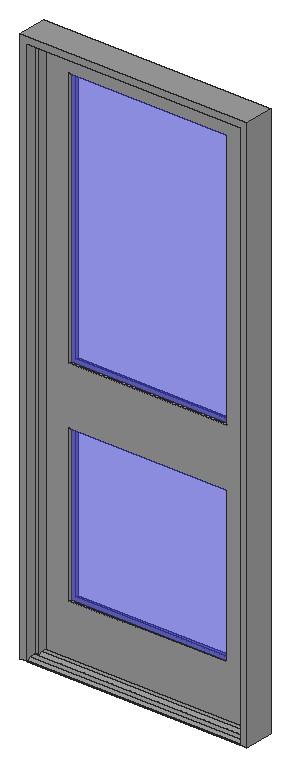
Revit family "MSD-375 DOOR-1-PD-CW_v05", category Curtain Panels, Revit 2015
Parameters
  Width [instance] = 3' - 2"
  URL = "obe.com"
  Rough Width [instance] = 3' - 3"
  Panel Width [instance] = [Min-Max Panel Width]  # 3' - 0 3/4"
  Panel Offset [instance] = 0' - 0"
  Offset [instance] = 0' - 3"
  Model = "MSD-375 DOOR"
  Min-Max Rough Width [instance] = if(and((Rough Width > 3' 2 1/4"), (Rough Width < 3' 8 1/256")), Rough Width, 3' 2 1/4")  # 3' - 3"
  Min-Max Panel Width [instance] = if(and((Rough Width > 3' 2 1/4"), (Rough Width < 3' 8 1/256")), Rough Width - 0' 2 1/4", 3' 0")  # 3' - 0 3/4"
  Manufacturer = "Oldcastle BuildingEnvelope®"
  Keynote = "08 11 00"
  Height [instance] = 8' - 0"
  Pushbar Height [instance] = 3' - 5 1/4"  # constant formula
  Glass Material = Glass
  Frame Material = Aluminum
  Door Panel Height [instance] = Height - 0' 0 3/4"  # 7' - 11 1/4"
  Description = "MSD-375 - 1\" Door Infill"
  Assembly Code = "B2030"
  Analytic Construction = "<None>"
  8 Muntin [instance] = not([6.5 Muntin])  # yes
  6.5 Muntin [instance] = no
Reference planes (in)
  plane 1 "Front": y = 0
  plane 2: z = 0
  plane 3 "Center (Left/Right)": x = 0
  plane 4 "Left": x = -19
  plane 5 "Right": x = 19
  plane 6 "Top": z = 96
  plane 7 "Offset": y = -3
  plane 8: y = -3.86965
  plane 9: y = -3.86965
  plane 10: x = -19.5
  plane 11: x = 19.5
Forms (in)
  Sweep 1, solid, material "Aluminum" <- "Frame Material"
    path origin (0, -3, 0) x (-1, 0, 0) y (0, 0, 1)
      loop
        line (19.5, 0) -> (19.5, 96)
    profile origin (-19.5, -3, 48) x (1, 0, 0) y (0, 1, 0)
      loop
        line (1.125, -1.8814) -> (1.125, 0) -> (0, 0) -> (0, -5) -> (1.125, -5) -> (1.125, -3.2564) -> (1.875, -3.2564) -> (1.875, -1.8814) -> (1.125, -1.8814)
  Sweep 2, solid, material "Aluminum" <- "Frame Material"
    path origin (0, -3, 0) x (-1, 0, 0) y (0, 0, 1)
      loop
        line (-19.5, 0) -> (-19.5, 96)
    profile origin (19.5, -3, 48) x (1, 0, 0) y (0, 1, 0)
      loop
        line (-1.125, -1.8814) -> (-1.875, -1.8814) -> (-1.875, -3.2564) -> (-1.125, -3.2564) -> (-1.125, -5) -> (0, -5) -> (0, 0) -> (-1.125, 0) -> (-1.125, -1.8814)
  Sweep 3, solid, material "Aluminum" <- "Frame Material"
    path origin (0, -3, 0) x (-1, 0, 0) y (0, 0, 1)
      loop
        line (-19.5, 96) -> (19.5, 96)
    profile origin (0, -3, 96) x (0, 0, 1) y (0, 1, 0)
      loop
        line (-1.125, 0) -> (-1.125, -1.875) -> (-1.625, -1.875) -> (-1.625, -3.24) -> (-1.125, -3.24) -> (-1.125, -5) -> (0, -5) -> (0, 0) -> (-1.125, 0)
Cuts and joins
  joined: Sweep 1, Sweep 2, Sweep 3
Text (in)
  text "Exterior" at (-54.29358, 31.38743, 0), in view "Ref. Level"
  text "Exterior" at (480, 41.53993, 89.60405), in view "Right"
  text "Exterior" at (-240, 57.82419, 105.78864), in view "Left"
Dimensions and locks (in)
  equal spacing: plane 4 "Left", plane 3 "Center (Left/Right)", plane 5 "Right"
  "Width": plane 4 "Left" to plane 5 "Right"
  "Height": plane 6 "Top" to plane 2
  "Offset": plane 1 "Front" to plane 7 "Offset"
  locked: plane 7 "Offset" to plane 8 at 0.86965
  locked: plane 7 "Offset" to plane 9 at 0.86965
  equal spacing: plane 10, plane 3 "Center (Left/Right)", plane 11
  "Min-Max Rough Width": plane 10 to plane 11
  aligned and locked: level to plane 2
  aligned and locked: plane 6 "Top" to Sweep 1 sketch curve
  aligned and locked: level to Sweep 1 sketch curve
  aligned and locked: plane 6 "Top" to Sweep 2 sketch curve
  aligned and locked: level to Sweep 2 sketch curve
  aligned and locked: plane 3 "Center (Left/Right)" to nested 1
  aligned and locked: plane 6 "Top" to Sweep 3 sketch curve
  aligned and locked: Sweep 1 sketch curve to plane 10
  aligned and locked: Sweep 2 sketch curve to plane 11
  aligned and locked: plane 11 to Sweep 3 sketch curve
  aligned and locked: plane 10 to Sweep 3 sketch curve
  aligned and locked: nested 1 to plane 7 "Offset"
Automatic sketch dimensions
  Sweep 1 sketch curve to profile plane = 0' - 0"
  Sweep 1 sketch curve to plane 7 "Offset" = 0' - 0"
  Sweep 1 sketch curve to profile plane = 0' - 1 1/8"  (x2)
  Sweep 1 sketch curve to Sweep 1 sketch curve = 0' - 0 3/4"
  Sweep 1 sketch curve to plane 7 "Offset" = 0' - 1.8814"
  Sweep 1 sketch curve to Sweep 1 sketch curve = 0' - 1 3/8"
  Sweep 1 sketch curve to Sweep 1 sketch curve = 0' - 1.7436"
  Sweep 2 sketch curve to plane 7 "Offset" = 0' - 0"
  Sweep 2 sketch curve to profile plane = 0' - 0"
  profile plane to Sweep 2 sketch curve = 0' - 1 1/8"
  Sweep 2 sketch curve to Sweep 2 sketch curve = 0' - 1 1/8"
  Sweep 2 sketch curve to Sweep 2 sketch curve = 0' - 0 3/4"
  Sweep 2 sketch curve to plane 7 "Offset" = 0' - 1.8814"
  Sweep 2 sketch curve to Sweep 2 sketch curve = 0' - 1 3/8"
  Sweep 2 sketch curve to Sweep 2 sketch curve = 0' - 1.7436"
  Sweep 3 sketch curve to plane 7 "Offset" = 0' - 0"
  profile plane to Sweep 3 sketch curve = 0' - 0"
  profile plane to Sweep 3 sketch curve = 0' - 1 1/8"
  Sweep 3 sketch curve to plane 7 "Offset" = 0' - 1 7/8"
  Sweep 3 sketch curve to Sweep 3 sketch curve = 0' - 0 1/2"  (x2)
  Sweep 3 sketch curve to Sweep 3 sketch curve = 0' - 1.365"
  Sweep 3 sketch curve to Sweep 3 sketch curve = 0' - 1.76"
Nested families (in)
  nested 1: "MSD-375 DOOR-1-PD-Panel_v04" at (0, -16, 0), Frame Material <- "Frame Material", Glass Material <- "Glass Material", 6.5 Muntin <- "6.5 Muntin", 8 Muntin <- "8 Muntin", Height <- "Door Panel Height", Width <- "Min-Max Panel Width", Offset <- "Offset", type "MSD-375 DOOR-1-PD-Panel"
    with built-in parameter 1001301 3' - 0 3/4", Pushbar Height 3' - 5 1/4", Offset 0' - 3", built-in parameter 1001300 7' - 11 1/4", Glass at Muntin 0' - 8 7/16", Glass Material Glass, Frame Material Aluminum, 8 Muntin yes, 6.5 Muntin no
Definition of nested family "MSD-375 DOOR-1-PD-Panel_v04"
  Parameters (values of type "MSD-375 DOOR-1-PD-Panel")
    Width [instance] = 4' - 0"
    Pushbar Height [instance] = 3' - 5 1/4"  # constant formula
    Offset [instance] = 0' - 1 255/256"
    Height [instance] = 8' - 0"
    Glass at Muntin [instance] = if([6.5 Muntin], 0' 6 15/16", 0' 8 7/16")  # 0' - 8 7/16"
    Glass Material [instance] = none
    Frame Material [instance] = none
    Analytic Construction = "<None>"
    8 Muntin [instance] = not([6.5 Muntin])  # yes
    6.5 Muntin [instance] = no
  Reference planes (in)
    plane 1 "00": y = 12.91016
    plane 2: z = 0
    plane 3 "Center (Left/Right)": x = 0
    plane 4: z = 96
    plane 5: x = -24
    plane 6: x = 24
    plane 7 "Center (Front/Back)": y = 16
    plane 8 "Exterior": y = 13.19141
    plane 9: z = 48
    plane 10: z = 92.96875
    plane 11: z = 92.281
    plane 12: z = 8.90625
    plane 13: z = 37.03125
    plane 14: z = 45.46875
    plane 15: x = -19.93725
    plane 16: x = 19.93725
    plane 17 "Offset": y = 14.00391
    plane 18: z = 41.25
  Forms (in)
    Sweep 1, solid, material <- "Frame Material"
      path origin (0, 12.91016, 0) x (1, 0, 0) y (0, 0, 1)
        loop
          line (-23.79725, 96) -> (23.79725, 96)
      profile origin (0, 12.91016, 96) x (0, 0, 1) y (0, -1, 0)
        loop
          line (-4.5, -0.957) -> (-0.375, -0.957) -> (-0.375, 0.793) -> (-4.5, 0.793) -> (-4.5, 0.5) -> (-3.719, 0.5) -> (-3.719, -0.5) -> (-4.5, -0.5) -> (-4.5, -0.957)
    Sweep 2, solid, material <- "Frame Material"
      path origin (0, 12.91016, 0) x (1, 0, 0) y (0, 0, 1)
        loop
          line (23.79725, 0) -> (-23.79725, 0)
      profile origin (0, 12.91016, 0) x (0, 0, -1) y (0, -1, 0)
        loop
          line (0, -1.707) -> (0, 3.918) -> (-0.125, 3.918) -> (-0.5, 3.168) -> (-0.5, 2.3005) -> (-0.562, 2.3005) -> (-0.844, 1.8115) -> (-0.844, 0.8165) -> (-0.5, 0.8165) -> (-0.5, -0.957) -> (-0.125, -1.707) -> (0, -1.707)
        loop
          line (-0.6875, -0.957) -> (-0.6875, 0.793) -> (-9.6875, 0.793) -> (-9.6875, 0.5) -> (-8.9065, 0.5) -> (-8.9065, -0.5) -> (-9.6875, -0.5) -> (-9.6875, -0.957) -> (-0.6875, -0.957)
    Sweep 3, solid, material <- "Frame Material"
      path origin (0, 12.91016, 0) x (1, 0, 0) y (0, 0, 1)
        loop
          line (24, 95.625) -> (24, 0.6875)
      profile origin (24, 12.91016, 48.15625) x (0, -1, 0) y (1, 0, 0)
        loop
          line (-0.957, -4.84375) -> (-0.5, -4.84375) -> (-0.5, -4.06275) -> (0.5, -4.06275) -> (0.5, -4.84375) -> (0.793, -4.84375) -> (0.793, -0.20275) -> (-0.957, -0.09375) -> (-0.957, -4.84375)
    Sweep 4, solid, material <- "Frame Material"
      path origin (0, 12.91016, 0) x (1, 0, 0) y (0, 0, 1)
        loop
          line (-24, 95.625) -> (-24, 0.6875)
      profile origin (-24, 12.91016, 48.15625) x (0, -1, 0) y (1, 0, 0)
        loop
          line (-0.957, 0.09375) -> (0.793, 0.20275) -> (0.793, 4.84375) -> (0.5, 4.84375) -> (0.5, 4.06275) -> (-0.5, 4.06275) -> (-0.5, 4.84375) -> (-0.957, 4.84375) -> (-0.957, 0.09375)
    Sweep 5, solid, material <- "Frame Material"
      path origin (0, 12.91016, 0) x (1, 0, 0) y (0, 0, 1)
        loop
          line (23.79725, 48) -> (-23.79725, 48)
      profile origin (0, 12.91016, 48) x (0, 0, -1) y (0, -1, 0)
        loop
          line (11.75025, -0.957) -> (11.75025, -0.5) -> (10.96875, -0.5) -> (10.96875, 0.5) -> (11.75025, 0.5) -> (11.75025, 0.793) -> (1.75025, 0.793) -> (1.75025, 0.5) -> (2.53125, 0.5) -> (2.53125, -0.5) -> (1.75025, -0.5) -> (1.75025, -0.957) -> (11.75025, -0.957)
    Extrusion 6, solid, material <- "Glass Material", detail levels coarse
      sketch origin (0, 0, 0) x (1, 0, 0) y (0, 1, 0)
        loop
          line (-19.93725, 13.41016) -> (-19.93725, 12.41016) -> (19.93725, 12.41016) -> (19.93725, 13.41016) -> (-19.93725, 13.41016)
      from 45.46875 to 92.281
    Extrusion 7, solid, material <- "Glass Material", detail levels medium+fine
      sketch origin (0, 0, 0) x (1, 0, 0) y (0, 1, 0)
        loop
          line (19.93725, 13.41016) -> (-19.93725, 13.41016) -> (-19.93725, 13.21016) -> (19.93725, 13.21016) -> (19.93725, 13.41016)
        loop
          line (-19.93725, 12.84016) -> (-19.93725, 12.64016) -> (19.93725, 12.64016) -> (19.93725, 12.84016) -> (-19.93725, 12.84016)
        loop
          line (19.93725, 12.61016) -> (-19.93725, 12.61016) -> (-19.93725, 12.41016) -> (19.93725, 12.41016) -> (19.93725, 12.61016)
      from 45.46875 to 92.281
    Extrusion 8, solid, material <- "Glass Material", detail levels coarse
      sketch origin (0, 0, 0) x (1, 0, 0) y (0, 1, 0)
        loop
          line (-19.93725, 13.41016) -> (-19.93725, 12.41016) -> (19.93725, 12.41016) -> (19.93725, 13.41016) -> (-19.93725, 13.41016)
      from 8.90625 to 37.03125
    Extrusion 9, solid, material <- "Glass Material", detail levels medium+fine
      sketch origin (0, 0, 0) x (1, 0, 0) y (0, 1, 0)
        loop
          line (-19.93725, 13.41016) -> (-19.93725, 13.21016) -> (19.93725, 13.21016) -> (19.93725, 13.41016) -> (-19.93725, 13.41016)
        loop
          line (19.93725, 12.84016) -> (-19.93725, 12.84016) -> (-19.93725, 12.64016) -> (19.93725, 12.64016) -> (19.93725, 12.84016)
        loop
          line (-19.93725, 12.61016) -> (-19.93725, 12.41016) -> (19.93725, 12.41016) -> (19.93725, 12.61016) -> (-19.93725, 12.61016)
      from 8.90625 to 37.03125
  Cuts and joins
    joined: Sweep 1, Sweep 2, Sweep 3, Sweep 4, Sweep 5
  Lines and regions (in)
    model lines
      curve 1: line (19.93725, 13.19141, 92.281) -> (-19.15625, 13.19141, 48)
      curve 2: line (-19.15625, 13.19141, 48) -> (19.93725, 13.19141, 8.9065)
  Dimensions and locks (in)
    equal spacing: level, plane 9, plane 4
    locked: Sweep 3 sketch curve to plane 4 at 0.375
    locked: Sweep 4 sketch curve to plane 4 at 0.375
    locked: plane 4 to plane 10 at 3.03125
    Extrusion 6 sketch curve to plane 1 "00" to Extrusion 6 sketch curve = 0' - 0 1/2" locked, 0' - 0 1/2" locked
    Extrusion 8 sketch curve to plane 1 "00" to Extrusion 8 sketch curve = 0' - 0 1/2" locked, 0' - 0 1/2" locked
    "Glass at Muntin": plane 13 to plane 14
    locked: plane 11 to plane 4 at 3.719
    plane 12 to plane 2 = 0' - 8 29/32"
    "Height": plane 4 to plane 2
    locked: plane 5 to plane 15 at 4.06275
    locked: plane 16 to plane 6 at 4.06275
    equal spacing: plane 5, plane 3 "Center (Left/Right)", plane 6
    "Width": plane 5 to plane 6
    locked: plane 14 to Sweep 5 sketch curve at 0.781  (x2)
    locked: Sweep 5 sketch curve to plane 13 at 0.7815
    locked: plane 13 to Sweep 5 sketch curve at 0.7815
    plane 1 "00" to plane 8 "Exterior" to plane 17 "Offset" = 0' - 0 9/32" locked, 0' - 0 13/16" locked
    locked: Sweep 1 sketch curve to plane 5 at 0.20275
    locked: plane 6 to Sweep 1 sketch curve at 0.20275
    locked: Sweep 5 sketch curve to plane 5 at 0.20275
    locked: plane 6 to Sweep 5 sketch curve at 0.20275
    locked: Sweep 2 sketch curve to plane 5 at 0.20275
    locked: plane 6 to Sweep 2 sketch curve at 0.20275
    equal spacing: plane 13, plane 18, plane 14
    "Pushbar Height": plane 2 to plane 18
    Extrusion 7 sketch curve to Extrusion 7 sketch curve to Extrusion 7 sketch curve to Extrusion 7 sketch curve to plane 1 "00" to Extrusion 7 sketch curve to Extrusion 7 sketch curve = 0' - 0.2" locked, 0' - 0.03" locked, 0' - 0.2" locked, 0' - 0.07" locked, 0' - 0.3" locked, 0' - 0.2" locked
    "Offset": plane 17 "Offset" to plane 7 "Center (Front/Back)"
    Extrusion 9 sketch curve to Extrusion 9 sketch curve to Extrusion 9 sketch curve to Extrusion 9 sketch curve to Extrusion 9 sketch curve to Extrusion 9 sketch curve to plane 17 "Offset" = 0' - 0.2" locked, 0' - 0.03" locked, 0' - 0.2" locked, 0' - 0.37" locked, 0' - 0.2" locked, 0' - 0 19/32" locked
    locked: plane 2 to Sweep 3 sketch curve at 0.6875
    locked: plane 2 to Sweep 4 sketch curve at 0.6875
    aligned and locked: plane 2 to level
    aligned and locked: Sweep 1 sketch curve to plane 4
    aligned and locked: Sweep 2 sketch curve to level
    aligned and locked: Sweep 5 sketch curve to plane 9
    aligned and locked: Extrusion 7 to plane 11
    aligned and locked: Extrusion 6 to plane 11
    aligned and locked: plane 14 to Extrusion 7
    aligned and locked: plane 14 to Extrusion 6
    aligned and locked: Extrusion 8 to plane 13
    aligned and locked: Extrusion 9 to plane 13
    aligned and locked: plane 12 to Extrusion 9
    aligned and locked: plane 12 to Extrusion 8
    aligned and locked: Sweep 3 sketch curve to plane 6
    aligned and locked: Sweep 4 sketch curve to plane 5
    aligned and locked: plane 16 to Extrusion 6 sketch curve
    aligned and locked: Extrusion 6 sketch curve to plane 15
    aligned and locked: Extrusion 8 sketch curve to plane 15
    aligned and locked: plane 16 to Extrusion 8 sketch curve
    aligned and locked: plane 16 to Extrusion 9  (x2)
    aligned and locked: plane 16 to Extrusion 8
    aligned and locked: plane 9 to curve 1
  Automatic sketch dimensions
    Sweep 4 sketch curve to profile plane = 0' - 0 3/32"
    Sweep 4 sketch curve to plane 1 "00" = 0' - 0.957"
    Sweep 4 sketch curve to Sweep 4 sketch curve = 0' - 0.457"
    plane 1 "00" to Sweep 4 sketch curve = 0' - 0 1/2"
    Sweep 4 sketch curve to Sweep 4 sketch curve = 0' - 0.293"
    Sweep 4 sketch curve to profile plane = 0' - 0.20275"
    Sweep 4 sketch curve to Sweep 4 sketch curve = 0' - 3.86"
    Sweep 4 sketch curve to Sweep 4 sketch curve = 0' - 0.781"  (x2)
    profile plane to Sweep 3 sketch curve = 0' - 0 3/32"
    Sweep 3 sketch curve to plane 1 "00" = 0' - 0.957"
    Sweep 3 sketch curve to Sweep 3 sketch curve = 0' - 0.457"
    plane 1 "00" to Sweep 3 sketch curve = 0' - 0 1/2"
    Sweep 3 sketch curve to Sweep 3 sketch curve = 0' - 0.293"
    profile plane to Sweep 3 sketch curve = 0' - 0.20275"
    Sweep 3 sketch curve to Sweep 3 sketch curve = 0' - 3.86"
    Sweep 3 sketch curve to Sweep 3 sketch curve = 0' - 0.781"  (x2)
    Sweep 1 sketch curve to plane 1 "00" = 0' - 0.957"
    profile plane to Sweep 1 sketch curve = 0' - 4 1/2"
    Sweep 1 sketch curve to Sweep 1 sketch curve = 0' - 0"
    Sweep 1 sketch curve to Sweep 1 sketch curve = 0' - 0.781"
    profile plane to Sweep 1 sketch curve = 0' - 0 3/8"
    Sweep 1 sketch curve to Sweep 1 sketch curve = 0' - 0.457"
    plane 1 "00" to Sweep 1 sketch curve = 0' - 0 1/2"
    Sweep 1 sketch curve to Sweep 1 sketch curve = 0' - 0.293"
    Sweep 5 sketch curve to Sweep 5 sketch curve = 0' - 0.781"
    Sweep 5 sketch curve to Sweep 5 sketch curve = 0' - 0.7815"
    Sweep 5 sketch curve to plane 1 "00" = 0' - 0.957"
    Sweep 5 sketch curve to Sweep 5 sketch curve = 0' - 0.457"  (x2)
    plane 1 "00" to Sweep 5 sketch curve = 0' - 0 1/2"  (x2)
    Sweep 5 sketch curve to Sweep 5 sketch curve = 0' - 0.293"
    profile plane to Sweep 2 sketch curve = 0' - 0 1/2"
    Sweep 2 sketch curve to plane 1 "00" = 0' - 0.957"  (x2)
    Sweep 2 sketch curve to Sweep 2 sketch curve = 0' - 0 1/8"
    Sweep 2 sketch curve to Sweep 2 sketch curve = 0' - 0 3/4"
    plane 1 "00" to Sweep 2 sketch curve = 0' - 3.918"
    profile plane to Sweep 2 sketch curve = 0' - 0 1/8"
    Sweep 2 sketch curve to Sweep 2 sketch curve = 0' - 1.6175"
    Sweep 2 sketch curve to Sweep 2 sketch curve = 0' - 0.282"
    Sweep 2 sketch curve to Sweep 2 sketch curve = 0' - 0.062"
    Sweep 2 sketch curve to Sweep 2 sketch curve = 0' - 0.489"
    Sweep 2 sketch curve to Sweep 2 sketch curve = 0' - 0.8675"
    plane 1 "00" to Sweep 2 sketch curve = 0' - 0.793"
    Sweep 2 sketch curve to Sweep 2 sketch curve = 0' - 0"
    Sweep 2 sketch curve to Sweep 2 sketch curve = 0' - 0.293"
    Sweep 2 sketch curve to Sweep 2 sketch curve = 0' - 0.457"
    Sweep 2 sketch curve to Sweep 2 sketch curve = 0' - 0.781"
    Sweep 2 sketch curve to profile plane = 0' - 0"
    Extrusion 9 sketch curve to plane 15 = 0' - 0"  (x3)
    Extrusion 9 sketch curve to plane 16 = 0' - 0"  (x3)
    Extrusion 7 sketch curve to plane 15 = 0' - 0"  (x3)
    Extrusion 7 sketch curve to plane 16 = 0' - 0"  (x3)
    Sweep 2 sketch curve to Sweep 2 sketch curve = 0' - 0.1565"
    Sweep 2 sketch curve to Sweep 2 sketch curve = 0' - 0.0235"
    Sweep 2 sketch curve to Sweep 2 sketch curve = 0' - 0 3/16"
    Sweep 2 sketch curve to Sweep 2 sketch curve = 0' - 8 1/16"
    curve 2 to plane 16 = 0' - 0"
    curve 1 to plane 11 = 0' - 0"
    curve 1 to plane 16 = 0' - 0"
    plane 15 to curve 2 = 0' - 0.781"
    curve 2 to plane 12 = 0' - 0.00025"
